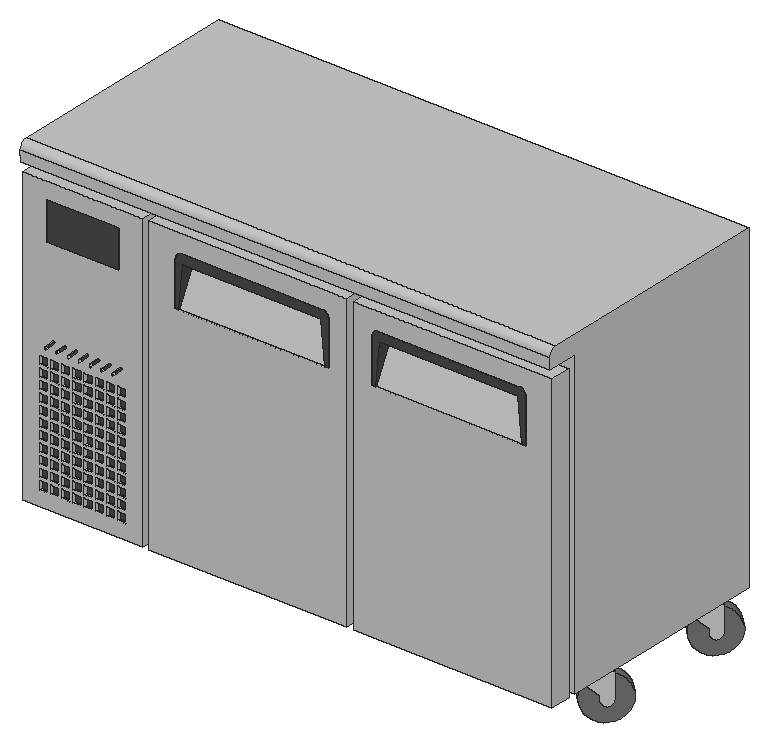
Revit family "QF_Turbo Air_JUF-48N", category Specialty Equipment, Revit 2012
Parameters
  Weight in Pounds = 190
  Watermarked By = "http://revitwatermark.com"
  Volts = 115 V
  URL Cutsheet = ""
  URL = "www.turboairinc.com"
  Status [instance] = ""
  Specification by User [instance] = ""
  Specification by Manufacturer [instance] = ""
  Serial Number [instance] = ""
  Revision Code [instance] = ""
  Phase = 1
  Number of Poles [instance] = 1
  NAFEM Spec ID Number [instance] = ""
  Model = "JUF-48N"
  Masterspec [instance] = ""
  Manufacturer = "Turbo Air"  # constant formula
  Legs [instance] = [6 inch Legs]  # no
  Item Number [instance] = "-"
  Installed By [instance] = ""
  HP = "1/3"
  Furnished By [instance] = ""
  Foodservice Equipment Identifier = yes
  FL Amps = 5 A
  Electrical Remarks [instance] = ""
  Electric Connection Type [instance] = ""
  Elec Conn RI Height [instance] = 0' - 0"
  Elec Conn Connection Height = 1' - 0"
  Description = "Undercounter Freezer"
  Cycle = 60 Hz
  Conn Plug = "NEMA 5-15P"
  Casters [instance] = not(Legs)  # yes
  CasterLeg Height [instance] = if([4 inch Casters], 0' 5", if([5 inch Casters], 0' 5 3/4", if([2_5 inch Casters], 0' 3 3/8", 0' 6")))  # 0' - 5"
  CSI MasterFormat = "11 41 13"
  Assembly Code = "E1090320"
  Apparent Power = if(Phase = 3, Volts * FL Amps * 1.73, Volts * FL Amps)  # 575 VA
  6 inch Legs [instance] = no
  5 inch Casters [instance] = no
  4 inch Casters [instance] = yes
  2_5 inch Casters [instance] = no
Reference planes (in)
  plane 1 "BACK": y = -5.375
  plane 2: z = 0
  plane 3 "LEFT": x = -20.72594
  plane 4 "Bottom": z = 5
  plane 5 "Back Stops": y = -4.375
  plane 6 "RIGHT": x = 26.52406
  plane 7 "FRONT": y = -29
  plane 8 "Door Clearance": y = -43.375
  plane 9 "Back of Door": y = -25.4375
  plane 10 "Front of Box": y = -24.75
  plane 11 "Counter Top": z = 33.75
  plane 12 "Top of Door": z = 31.25
  plane 13 "Front of Doors": y = -27.25
  plane 14 "Front of Ledge": y = -27.5
  plane 15 "Left of Right Door": x = 8.83656
  plane 16 "Right of Grill": x = -9.97594
  plane 17 "Right of Left Door": x = 8.21156
  plane 18 "Left of Left Door": x = -9.47594
Forms (in)
  Extrusion 1, solid, material "QF_Finishes_Stainless Steel"
    sketch origin (-20.72594, 0, 0) x (0, 1, 0) y (0, 0, 1)
      loop
        line (-5.375, 5) -> (-5.375, 33.75) -> (-26.8125, 33.75)
        arc (-26.8125, 33.75) -> (-27.29864, 33.54864) -> (-27.5, 33.0625) r 0.6875
        line (-27.5, 33.0625) -> (-27.5, 32.125) -> (-24.75, 32.125) -> (-24.75, 5) -> (-5.375, 5)
    from 0 to 47.25
  Extrusion 2, solid, material "QF_Finishes_Black"
    sketch origin (0, -24.75, 0) x (1, 0, 0) y (0, 0, 1)
      loop
        line (25.52406, 6) -> (25.52406, 30.25) -> (9.83656, 30.25) -> (9.83656, 6) -> (25.52406, 6)
      loop
        line (7.21156, 6) -> (7.21156, 30.25) -> (-8.47594, 30.25) -> (-8.47594, 6) -> (7.21156, 6)
    from 0 to 0.6875
  Extrusion 3, solid, material "QF_Finishes_Black"
    sketch origin (0, -5.375, 0) x (1, 0, 0) y (0, 0, 1)
      loop
        circle (-14.60094, 28.9375) r 0.5
      loop
        circle (20.39906, 28.9375) r 0.5
    from 0 to -1
  Extrusion 4, solid, material "QF_Finishes_Stainless Steel"
    sketch origin (0, -5.375, 0) x (1, 0, 0) y (0, 0, 1)
      loop
        circle (-15.35094, 11.125) r 0.25
    from 0 to -0.0625
  Extrusion 5, solid, material "QF_Finishes_Stainless Steel"
    sketch origin (0, -24.75, 0) x (1, 0, 0) y (0, 0, 1)
      loop
        line (-20.72594, 31.25) -> (-20.72594, 5) -> (-9.97594, 5) -> (-9.97594, 31.25) -> (-20.72594, 31.25)
      loop
        line (-11.47594, 7.125) -> (-12.22594, 7.125) -> (-12.22594, 6.375) -> (-11.47594, 6.375) -> (-11.47594, 7.125)
      loop
        line (-12.47594, 7.125) -> (-13.22594, 7.125) -> (-13.22594, 6.375) -> (-12.47594, 6.375) -> (-12.47594, 7.125)
      loop
        line (-13.47594, 7.125) -> (-14.22594, 7.125) -> (-14.22594, 6.375) -> (-13.47594, 6.375) -> (-13.47594, 7.125)
      loop
        line (-14.47594, 7.125) -> (-15.22594, 7.125) -> (-15.22594, 6.375) -> (-14.47594, 6.375) -> (-14.47594, 7.125)
      loop
        line (-15.47594, 7.125) -> (-16.22594, 7.125) -> (-16.22594, 6.375) -> (-15.47594, 6.375) -> (-15.47594, 7.125)
      loop
        line (-16.47594, 7.125) -> (-17.22594, 7.125) -> (-17.22594, 6.375) -> (-16.47594, 6.375) -> (-16.47594, 7.125)
      loop
        line (-17.47594, 7.125) -> (-18.22594, 7.125) -> (-18.22594, 6.375) -> (-17.47594, 6.375) -> (-17.47594, 7.125)
      loop
        line (-18.47594, 7.125) -> (-19.22594, 7.125) -> (-19.22594, 6.375) -> (-18.47594, 6.375) -> (-18.47594, 7.125)
      loop
        line (-11.47594, 8.125) -> (-12.22594, 8.125) -> (-12.22594, 7.375) -> (-11.47594, 7.375) -> (-11.47594, 8.125)
      loop
        line (-12.47594, 8.125) -> (-13.22594, 8.125) -> (-13.22594, 7.375) -> (-12.47594, 7.375) -> (-12.47594, 8.125)
      loop
        line (-13.47594, 8.125) -> (-14.22594, 8.125) -> (-14.22594, 7.375) -> (-13.47594, 7.375) -> (-13.47594, 8.125)
      loop
        line (-14.47594, 8.125) -> (-15.22594, 8.125) -> (-15.22594, 7.375) -> (-14.47594, 7.375) -> (-14.47594, 8.125)
      loop
        line (-15.47594, 8.125) -> (-16.22594, 8.125) -> (-16.22594, 7.375) -> (-15.47594, 7.375) -> (-15.47594, 8.125)
      loop
        line (-16.47594, 8.125) -> (-17.22594, 8.125) -> (-17.22594, 7.375) -> (-16.47594, 7.375) -> (-16.47594, 8.125)
      loop
        line (-17.47594, 8.125) -> (-18.22594, 8.125) -> (-18.22594, 7.375) -> (-17.47594, 7.375) -> (-17.47594, 8.125)
      loop
        line (-18.47594, 8.125) -> (-19.22594, 8.125) -> (-19.22594, 7.375) -> (-18.47594, 7.375) -> (-18.47594, 8.125)
      loop
        line (-11.47594, 9.125) -> (-12.22594, 9.125) -> (-12.22594, 8.375) -> (-11.47594, 8.375) -> (-11.47594, 9.125)
      loop
        line (-12.47594, 9.125) -> (-13.22594, 9.125) -> (-13.22594, 8.375) -> (-12.47594, 8.375) -> (-12.47594, 9.125)
      loop
        line (-13.47594, 9.125) -> (-14.22594, 9.125) -> (-14.22594, 8.375) -> (-13.47594, 8.375) -> (-13.47594, 9.125)
      loop
        line (-14.47594, 9.125) -> (-15.22594, 9.125) -> (-15.22594, 8.375) -> (-14.47594, 8.375) -> (-14.47594, 9.125)
      loop
        line (-15.47594, 9.125) -> (-16.22594, 9.125) -> (-16.22594, 8.375) -> (-15.47594, 8.375) -> (-15.47594, 9.125)
      loop
        line (-16.47594, 9.125) -> (-17.22594, 9.125) -> (-17.22594, 8.375) -> (-16.47594, 8.375) -> (-16.47594, 9.125)
      loop
        line (-17.47594, 9.125) -> (-18.22594, 9.125) -> (-18.22594, 8.375) -> (-17.47594, 8.375) -> (-17.47594, 9.125)
      loop
        line (-18.47594, 9.125) -> (-19.22594, 9.125) -> (-19.22594, 8.375) -> (-18.47594, 8.375) -> (-18.47594, 9.125)
      loop
        line (-11.47594, 10.125) -> (-12.22594, 10.125) -> (-12.22594, 9.375) -> (-11.47594, 9.375) -> (-11.47594, 10.125)
      loop
        line (-12.47594, 10.125) -> (-13.22594, 10.125) -> (-13.22594, 9.375) -> (-12.47594, 9.375) -> (-12.47594, 10.125)
      loop
        line (-13.47594, 10.125) -> (-14.22594, 10.125) -> (-14.22594, 9.375) -> (-13.47594, 9.375) -> (-13.47594, 10.125)
      loop
        line (-14.47594, 10.125) -> (-15.22594, 10.125) -> (-15.22594, 9.375) -> (-14.47594, 9.375) -> (-14.47594, 10.125)
      loop
        line (-15.47594, 10.125) -> (-16.22594, 10.125) -> (-16.22594, 9.375) -> (-15.47594, 9.375) -> (-15.47594, 10.125)
      loop
        line (-16.47594, 10.125) -> (-17.22594, 10.125) -> (-17.22594, 9.375) -> (-16.47594, 9.375) -> (-16.47594, 10.125)
      loop
        line (-17.47594, 10.125) -> (-18.22594, 10.125) -> (-18.22594, 9.375) -> (-17.47594, 9.375) -> (-17.47594, 10.125)
      loop
        line (-18.47594, 10.125) -> (-19.22594, 10.125) -> (-19.22594, 9.375) -> (-18.47594, 9.375) -> (-18.47594, 10.125)
      loop
        line (-11.47594, 11.125) -> (-12.22594, 11.125) -> (-12.22594, 10.375) -> (-11.47594, 10.375) -> (-11.47594, 11.125)
      loop
        line (-12.47594, 11.125) -> (-13.22594, 11.125) -> (-13.22594, 10.375) -> (-12.47594, 10.375) -> (-12.47594, 11.125)
      loop
        line (-13.47594, 11.125) -> (-14.22594, 11.125) -> (-14.22594, 10.375) -> (-13.47594, 10.375) -> (-13.47594, 11.125)
      loop
        line (-14.47594, 11.125) -> (-15.22594, 11.125) -> (-15.22594, 10.375) -> (-14.47594, 10.375) -> (-14.47594, 11.125)
      loop
        line (-15.47594, 11.125) -> (-16.22594, 11.125) -> (-16.22594, 10.375) -> (-15.47594, 10.375) -> (-15.47594, 11.125)
      loop
        line (-16.47594, 11.125) -> (-17.22594, 11.125) -> (-17.22594, 10.375) -> (-16.47594, 10.375) -> (-16.47594, 11.125)
      loop
        line (-17.47594, 11.125) -> (-18.22594, 11.125) -> (-18.22594, 10.375) -> (-17.47594, 10.375) -> (-17.47594, 11.125)
      loop
        line (-18.47594, 11.125) -> (-19.22594, 11.125) -> (-19.22594, 10.375) -> (-18.47594, 10.375) -> (-18.47594, 11.125)
      loop
        line (-11.47594, 12.125) -> (-12.22594, 12.125) -> (-12.22594, 11.375) -> (-11.47594, 11.375) -> (-11.47594, 12.125)
      loop
        line (-12.47594, 12.125) -> (-13.22594, 12.125) -> (-13.22594, 11.375) -> (-12.47594, 11.375) -> (-12.47594, 12.125)
      loop
        line (-13.47594, 12.125) -> (-14.22594, 12.125) -> (-14.22594, 11.375) -> (-13.47594, 11.375) -> (-13.47594, 12.125)
      loop
        line (-14.47594, 12.125) -> (-15.22594, 12.125) -> (-15.22594, 11.375) -> (-14.47594, 11.375) -> (-14.47594, 12.125)
      loop
        line (-15.47594, 12.125) -> (-16.22594, 12.125) -> (-16.22594, 11.375) -> (-15.47594, 11.375) -> (-15.47594, 12.125)
      loop
        line (-16.47594, 12.125) -> (-17.22594, 12.125) -> (-17.22594, 11.375) -> (-16.47594, 11.375) -> (-16.47594, 12.125)
      loop
        line (-17.47594, 12.125) -> (-18.22594, 12.125) -> (-18.22594, 11.375) -> (-17.47594, 11.375) -> (-17.47594, 12.125)
      loop
        line (-18.47594, 12.125) -> (-19.22594, 12.125) -> (-19.22594, 11.375) -> (-18.47594, 11.375) -> (-18.47594, 12.125)
      loop
        line (-11.47594, 13.125) -> (-12.22594, 13.125) -> (-12.22594, 12.375) -> (-11.47594, 12.375) -> (-11.47594, 13.125)
      loop
        line (-12.47594, 13.125) -> (-13.22594, 13.125) -> (-13.22594, 12.375) -> (-12.47594, 12.375) -> (-12.47594, 13.125)
      loop
        line (-13.47594, 13.125) -> (-14.22594, 13.125) -> (-14.22594, 12.375) -> (-13.47594, 12.375) -> (-13.47594, 13.125)
      loop
        line (-14.47594, 13.125) -> (-15.22594, 13.125) -> (-15.22594, 12.375) -> (-14.47594, 12.375) -> (-14.47594, 13.125)
      loop
        line (-15.47594, 13.125) -> (-16.22594, 13.125) -> (-16.22594, 12.375) -> (-15.47594, 12.375) -> (-15.47594, 13.125)
      loop
        line (-16.47594, 13.125) -> (-17.22594, 13.125) -> (-17.22594, 12.375) -> (-16.47594, 12.375) -> (-16.47594, 13.125)
      loop
        line (-17.47594, 13.125) -> (-18.22594, 13.125) -> (-18.22594, 12.375) -> (-17.47594, 12.375) -> (-17.47594, 13.125)
      loop
        line (-18.47594, 13.125) -> (-19.22594, 13.125) -> (-19.22594, 12.375) -> (-18.47594, 12.375) -> (-18.47594, 13.125)
      loop
        line (-11.47594, 14.125) -> (-12.22594, 14.125) -> (-12.22594, 13.375) -> (-11.47594, 13.375) -> (-11.47594, 14.125)
      loop
        line (-12.47594, 14.125) -> (-13.22594, 14.125) -> (-13.22594, 13.375) -> (-12.47594, 13.375) -> (-12.47594, 14.125)
      loop
        line (-13.47594, 14.125) -> (-14.22594, 14.125) -> (-14.22594, 13.375) -> (-13.47594, 13.375) -> (-13.47594, 14.125)
      loop
        line (-14.47594, 14.125) -> (-15.22594, 14.125) -> (-15.22594, 13.375) -> (-14.47594, 13.375) -> (-14.47594, 14.125)
      loop
        line (-15.47594, 14.125) -> (-16.22594, 14.125) -> (-16.22594, 13.375) -> (-15.47594, 13.375) -> (-15.47594, 14.125)
      loop
        line (-16.47594, 14.125) -> (-17.22594, 14.125) -> (-17.22594, 13.375) -> (-16.47594, 13.375) -> (-16.47594, 14.125)
      loop
        line (-17.47594, 14.125) -> (-18.22594, 14.125) -> (-18.22594, 13.375) -> (-17.47594, 13.375) -> (-17.47594, 14.125)
      loop
        line (-18.47594, 14.125) -> (-19.22594, 14.125) -> (-19.22594, 13.375) -> (-18.47594, 13.375) -> (-18.47594, 14.125)
      loop
        line (-11.47594, 15.125) -> (-12.22594, 15.125) -> (-12.22594, 14.375) -> (-11.47594, 14.375) -> (-11.47594, 15.125)
      loop
        line (-12.47594, 15.125) -> (-13.22594, 15.125) -> (-13.22594, 14.375) -> (-12.47594, 14.375) -> (-12.47594, 15.125)
      loop
        line (-13.47594, 15.125) -> (-14.22594, 15.125) -> (-14.22594, 14.375) -> (-13.47594, 14.375) -> (-13.47594, 15.125)
      loop
        line (-14.47594, 15.125) -> (-15.22594, 15.125) -> (-15.22594, 14.375) -> (-14.47594, 14.375) -> (-14.47594, 15.125)
      loop
        line (-15.47594, 15.125) -> (-16.22594, 15.125) -> (-16.22594, 14.375) -> (-15.47594, 14.375) -> (-15.47594, 15.125)
      loop
        line (-16.47594, 15.125) -> (-17.22594, 15.125) -> (-17.22594, 14.375) -> (-16.47594, 14.375) -> (-16.47594, 15.125)
      loop
        line (-17.47594, 15.125) -> (-18.22594, 15.125) -> (-18.22594, 14.375) -> (-17.47594, 14.375) -> (-17.47594, 15.125)
      loop
        line (-18.47594, 15.125) -> (-19.22594, 15.125) -> (-19.22594, 14.375) -> (-18.47594, 14.375) -> (-18.47594, 15.125)
      loop
        line (-11.47594, 16.125) -> (-12.22594, 16.125) -> (-12.22594, 15.375) -> (-11.47594, 15.375) -> (-11.47594, 16.125)
      loop
        line (-12.47594, 16.125) -> (-13.22594, 16.125) -> (-13.22594, 15.375) -> (-12.47594, 15.375) -> (-12.47594, 16.125)
      loop
        line (-13.47594, 16.125) -> (-14.22594, 16.125) -> (-14.22594, 15.375) -> (-13.47594, 15.375) -> (-13.47594, 16.125)
      loop
        line (-14.47594, 16.125) -> (-15.22594, 16.125) -> (-15.22594, 15.375) -> (-14.47594, 15.375) -> (-14.47594, 16.125)
      loop
        line (-15.47594, 16.125) -> (-16.22594, 16.125) -> (-16.22594, 15.375) -> (-15.47594, 15.375) -> (-15.47594, 16.125)
      loop
        line (-16.47594, 16.125) -> (-17.22594, 16.125) -> (-17.22594, 15.375) -> (-16.47594, 15.375) -> (-16.47594, 16.125)
      loop
        line (-17.47594, 16.125) -> (-18.22594, 16.125) -> (-18.22594, 15.375) -> (-17.47594, 15.375) -> (-17.47594, 16.125)
      loop
        line (-18.47594, 16.125) -> (-19.22594, 16.125) -> (-19.22594, 15.375) -> (-18.47594, 15.375) -> (-18.47594, 16.125)
      loop
        line (-11.47594, 17.125) -> (-12.22594, 17.125) -> (-12.22594, 16.375) -> (-11.47594, 16.375) -> (-11.47594, 17.125)
      loop
        line (-12.47594, 17.125) -> (-13.22594, 17.125) -> (-13.22594, 16.375) -> (-12.47594, 16.375) -> (-12.47594, 17.125)
      loop
        line (-13.47594, 17.125) -> (-14.22594, 17.125) -> (-14.22594, 16.375) -> (-13.47594, 16.375) -> (-13.47594, 17.125)
      loop
        line (-14.47594, 17.125) -> (-15.22594, 17.125) -> (-15.22594, 16.375) -> (-14.47594, 16.375) -> (-14.47594, 17.125)
      loop
        line (-15.47594, 17.125) -> (-16.22594, 17.125) -> (-16.22594, 16.375) -> (-15.47594, 16.375) -> (-15.47594, 17.125)
      loop
        line (-16.47594, 17.125) -> (-17.22594, 17.125) -> (-17.22594, 16.375) -> (-16.47594, 16.375) -> (-16.47594, 17.125)
      loop
        line (-17.47594, 17.125) -> (-18.22594, 17.125) -> (-18.22594, 16.375) -> (-17.47594, 16.375) -> (-17.47594, 17.125)
      loop
        line (-18.47594, 17.125) -> (-19.22594, 17.125) -> (-19.22594, 16.375) -> (-18.47594, 16.375) -> (-18.47594, 17.125)
      loop
        arc (-14.68933, 17.96339) -> (-14.68933, 17.78661) -> (-14.51255, 17.78661) r 0.125
        line (-14.51255, 17.78661) -> (-13.80544, 18.49372)
        arc (-13.80544, 18.49372) -> (-13.80544, 18.6705) -> (-13.98222, 18.6705) r 0.125
        line (-13.98222, 18.6705) -> (-14.68933, 17.96339)
      loop
        arc (-13.68933, 17.96339) -> (-13.68933, 17.78661) -> (-13.51255, 17.78661) r 0.125
        line (-13.51255, 17.78661) -> (-12.80544, 18.49372)
        arc (-12.80544, 18.49372) -> (-12.80544, 18.6705) -> (-12.98222, 18.6705) r 0.125
        line (-12.98222, 18.6705) -> (-13.68933, 17.96339)
      loop
        arc (-12.68933, 17.96339) -> (-12.68933, 17.78661) -> (-12.51255, 17.78661) r 0.125
        line (-12.51255, 17.78661) -> (-11.80544, 18.49372)
        arc (-11.80544, 18.49372) -> (-11.80544, 18.6705) -> (-11.98222, 18.6705) r 0.125
        line (-11.98222, 18.6705) -> (-12.68933, 17.96339)
      loop
        arc (-17.68933, 17.96339) -> (-17.68933, 17.78661) -> (-17.51255, 17.78661) r 0.125
        line (-17.51255, 17.78661) -> (-16.80544, 18.49372)
        arc (-16.80544, 18.49372) -> (-16.80544, 18.6705) -> (-16.98222, 18.6705) r 0.125
        line (-16.98222, 18.6705) -> (-17.68933, 17.96339)
      loop
        arc (-16.68933, 17.96339) -> (-16.68933, 17.78661) -> (-16.51255, 17.78661) r 0.125
        line (-16.51255, 17.78661) -> (-15.80544, 18.49372)
        arc (-15.80544, 18.49372) -> (-15.80544, 18.6705) -> (-15.98222, 18.6705) r 0.125
        line (-15.98222, 18.6705) -> (-16.68933, 17.96339)
      loop
        arc (-15.68933, 17.96339) -> (-15.68933, 17.78661) -> (-15.51255, 17.78661) r 0.125
        line (-15.51255, 17.78661) -> (-14.80544, 18.49372)
        arc (-14.80544, 18.49372) -> (-14.80544, 18.6705) -> (-14.98222, 18.6705) r 0.125
        line (-14.98222, 18.6705) -> (-15.68933, 17.96339)
      loop
        arc (-18.68933, 17.96339) -> (-18.68933, 17.78661) -> (-18.51255, 17.78661) r 0.125
        line (-18.51255, 17.78661) -> (-17.80544, 18.49372)
        arc (-17.80544, 18.49372) -> (-17.80544, 18.6705) -> (-17.98222, 18.6705) r 0.125
        line (-17.98222, 18.6705) -> (-18.68933, 17.96339)
      loop
        line (-12.16344, 29.75) -> (-18.53844, 29.75) -> (-18.53844, 26.375) -> (-12.16344, 26.375) -> (-12.16344, 29.75)
    from 0 to 2.5
  Extrusion 6, solid, material "QF_Finishes_Black"
    sketch origin (0, -24.75, 0) x (1, 0, 0) y (0, 0, 1)
      loop
        line (-19.72594, 5.875) -> (-10.97594, 5.875) -> (-10.97594, 19.125) -> (-19.72594, 19.125) -> (-19.72594, 5.875)
    from 0 to 2.25
  Extrusion 7, solid, material "QF_Finishes_Black"
    sketch origin (0, -24.75, 0) x (1, 0, 0) y (0, 0, 1)
      loop
        line (-18.53844, 29.75) -> (-18.53844, 26.375) -> (-12.16344, 26.375) -> (-12.16344, 29.75) -> (-18.53844, 29.75)
    from 0 to 2.5
Lines and regions (in)
  symbolic lines
    curve 1: line (-20.72594, -5.375, 33.75) -> (26.52406, -5.375, 33.75)
    curve 2: line (-20.72594, -29, 33.75) -> (-20.72594, -5.375, 33.75)
    curve 3: line (26.52406, -29, 33.75) -> (-20.72594, -29, 33.75)
    curve 4: line (26.52406, -5.375, 33.75) -> (26.52406, -29, 33.75)
    curve 5: line (19.89906, -4.375, 33.75) -> (20.89906, -4.375, 33.75)
    curve 6: line (-15.10094, -4.375, 33.75) -> (-14.10094, -4.375, 33.75)
    curve 7: line (-15.10094, -4.375, 33.75) -> (-15.10094, -5.375, 33.75)
    curve 8: line (-14.10094, -4.375, 33.75) -> (-14.10094, -5.375, 33.75)
    curve 9: line (19.89906, -4.375, 33.75) -> (19.89906, -5.375, 33.75)
    curve 10: line (20.89906, -4.375, 33.75) -> (20.89906, -5.375, 33.75)
  symbolic lines, style "QF_Clearances", detail levels coarse
    curve 11: line (26.52406, -29, 33.75) -> (26.52406, -43.375, 33.75)
    curve 12: arc (26.52406, -43.375, 33.75) -> (15.24891, -39.31537, 33.75) -> (9.14951, -29, 33.75) r 17.6875
    curve 13: line (-9.47594, -29, 33.75) -> (-9.47594, -43.375, 33.75)
    curve 14: arc (-9.47594, -43.375, 33.75) -> (1.79921, -39.31537, 33.75) -> (7.89861, -29, 33.75) r 17.6875
Dimensions and locks (in)
  "CasterLeg Height": plane 4 "Bottom" to plane 2
  locked: plane 1 "BACK" to plane 5 "Back Stops" at 1
  locked: plane 6 "RIGHT" to plane 3 "LEFT" at 47.25
  locked: plane 7 "FRONT" to plane 1 "BACK" at 23.625
  locked: plane 9 "Back of Door" to plane 10 "Front of Box" at 0.6875
  locked: plane 11 "Counter Top" to plane 4 "Bottom" at 28.75
  locked: Extrusion 2 sketch curve to plane 6 "RIGHT" at 1
  locked: nested 1 to plane 1 "BACK" at 2.5625
  locked: plane 3 "LEFT" to nested 1 at 2.5
  locked: plane 3 "LEFT" to nested 2 at 2.5
  locked: plane 10 "Front of Box" to nested 2 at 4.625
  locked: nested 3 to plane 6 "RIGHT" at 2.5
  locked: nested 4 to plane 6 "RIGHT" at 2.5
  locked: plane 10 "Front of Box" to nested 4 at 4.625
  locked: nested 3 to plane 1 "BACK" at 2.5625
  locked: plane 11 "Counter Top" to Extrusion 3 sketch curve at 4.8125  (x2)
  locked: plane 6 "RIGHT" to Extrusion 3 sketch curve at 6.125
  locked: Extrusion 3 sketch curve to plane 3 "LEFT" at 6.125
  locked: Extrusion 4 sketch curve to plane 4 "Bottom" at 6.125
  locked: Extrusion 2 sketch curve to plane 4 "Bottom" at 1  (x2)
  locked: plane 12 "Top of Door" to Extrusion 2 sketch curve at 1  (x2)
  locked: plane 13 "Front of Doors" to plane 10 "Front of Box" at 2.5
  locked: plane 14 "Front of Ledge" to plane 13 "Front of Doors" at 0.25
  locked: plane 11 "Counter Top" to plane 12 "Top of Door" at 2.5
  locked: plane 11 "Counter Top" to Extrusion 1 sketch curve at 1.625
  locked: plane 15 "Left of Right Door" to plane 6 "RIGHT" at 17.6875
  locked: plane 3 "LEFT" to plane 16 "Right of Grill" at 10.75
  locked: Extrusion 2 sketch curve to plane 15 "Left of Right Door" at 1
  locked: plane 3 "LEFT" to Extrusion 6 sketch curve at 1
  locked: plane 16 "Right of Grill" to Extrusion 6 sketch curve at 1
  locked: Extrusion 6 sketch curve to plane 4 "Bottom" at 0.875
  locked: Extrusion 6 sketch curve to Extrusion 6 sketch curve at 13.25
  locked: Extrusion 4 sketch curve to plane 3 "LEFT" at 5.375
  locked: plane 16 "Right of Grill" to plane 18 "Left of Left Door" at 0.5
  locked: plane 18 "Left of Left Door" to plane 17 "Right of Left Door" at 17.6875
  locked: Extrusion 2 sketch curve to plane 17 "Right of Left Door" at 1
  locked: Extrusion 2 sketch curve to plane 18 "Left of Left Door" at 1
  locked: plane 8 "Door Clearance" to curve 3 at 14.375
  aligned and locked: level to plane 2
  aligned and locked: Extrusion 1 sketch curve to plane 1 "BACK"
  aligned and locked: Extrusion 1 sketch curve to plane 4 "Bottom"
  aligned and locked: plane 10 "Front of Box" to Extrusion 1 sketch curve
  aligned and locked: plane 6 "RIGHT" to Extrusion 1
  aligned and locked: plane 9 "Back of Door" to Extrusion 2
  aligned and locked: Extrusion 1 sketch curve to plane 11 "Counter Top"
  aligned and locked: Extrusion 3 to plane 5 "Back Stops"
  aligned and locked: plane 1 "BACK" to curve 1
  aligned and locked: plane 3 "LEFT" to curve 2
  aligned and locked: curve 5 to Extrusion 3
  aligned and locked: curve 6 to Extrusion 3
  aligned and locked: plane 4 "Bottom" to nested 5
  aligned and locked: Extrusion 1 sketch curve to plane 14 "Front of Ledge"
  aligned and locked: Extrusion 5 sketch curve to plane 12 "Top of Door"
  aligned and locked: plane 3 "LEFT" to Extrusion 5 sketch curve
  aligned and locked: plane 4 "Bottom" to Extrusion 5 sketch curve
  aligned and locked: plane 16 "Right of Grill" to Extrusion 5 sketch curve
  aligned and locked: plane 13 "Front of Doors" to Extrusion 5
  aligned and locked: plane 13 "Front of Doors" to Extrusion 7
  aligned and locked: plane 6 "RIGHT" to nested 5
  aligned and locked: plane 17 "Right of Left Door" to nested 6
  aligned and locked: nested 6 to plane 4 "Bottom"
Automatic sketch dimensions
  curve 11 to plane 6 "RIGHT" = 0' - 0"
  plane 8 "Door Clearance" to curve 11 = 0' - 0"
  plane 8 "Door Clearance" to curve 14 = 0' - 0"
  curve 14 to plane 18 "Left of Left Door" = 0' - 0"
  plane 9 "Back of Door" to curve 14 = 0' - 0 1/4"
  plane 9 "Back of Door" to curve 12 = 0' - 0 1/4"
  curve 5 to curve 9 = 0' - 1"
  curve 6 to curve 7 = 0' - 1"
  Extrusion 5 sketch curve to Extrusion 5 sketch curve = 0' - 0.08839"  (x42)
  Extrusion 5 sketch curve to Extrusion 5 sketch curve = 0' - 0 3/4"  (x52)
  Extrusion 5 sketch curve to Extrusion 5 sketch curve = 0' - 0"  (x162)
  Extrusion 5 sketch curve to Extrusion 5 sketch curve = 0' - 0.03661"  (x7)
  Extrusion 5 sketch curve to Extrusion 5 sketch curve = 0' - 0 1/4"  (x125)
  Extrusion 5 sketch curve to Extrusion 5 sketch curve = 0' - 0.70711"  (x2)
  Extrusion 5 sketch curve to Extrusion 5 sketch curve = 0' - 0.11612"  (x6)
  Extrusion 5 sketch curve to Extrusion 5 sketch curve = 0' - 0.82322"  (x6)
  Extrusion 5 sketch curve to plane 16 "Right of Grill" = 0' - 2 3/16"
  plane 4 "Bottom" to Extrusion 5 sketch curve = 0' - 1 3/8"  (x2)
  Extrusion 5 sketch curve to Extrusion 5 sketch curve = 0' - 0.66161"  (x7)
  Extrusion 5 sketch curve to Extrusion 5 sketch curve = 0' - 0.53033"  (x6)
  Extrusion 5 sketch curve to plane 12 "Top of Door" = 0' - 4 7/8"
  Extrusion 5 sketch curve to plane 12 "Top of Door" = 0' - 1 1/2"
  Extrusion 7 sketch curve to plane 16 "Right of Grill" = 0' - 2 3/16"
  Extrusion 7 sketch curve to plane 12 "Top of Door" = 0' - 4 7/8"
  Extrusion 7 sketch curve to plane 12 "Top of Door" = 0' - 1 1/2"
  Extrusion 1 sketch curve to plane 13 "Front of Doors" = 0' - 0 7/16"
  curve 8 to plane 16 "Right of Grill" = 0' - 4 1/8"
  plane 3 "LEFT" to Extrusion 5 sketch curve = 0' - 1 1/2"  (x4)
  Extrusion 5 sketch curve to Extrusion 5 sketch curve = 0' - 0.53661"
  plane 3 "LEFT" to Extrusion 5 sketch curve = 0' - 2 3/16"
  plane 3 "LEFT" to Extrusion 7 sketch curve = 0' - 2 3/16"
  curve 10 to plane 6 "RIGHT" = 0' - 5 5/8"
  radius of Extrusion 3 sketch curve = 0' - 0 1/2"  (x2)
  radius of Extrusion 4 sketch curve = 0' - 0 1/4"
Nested families (in)
  nested 1: "FESCasterLeg" at (-18.22594, -7.9375, 0), Legs <- "Legs", Casters <- "Casters", Height <- "CasterLeg Height", type "FESCasterLeg"
    with Legs no, Height 0' - 5", Casters yes, Caster Radius 0' - 2"
  nested 2: "FESCasterLeg" at (-18.22594, -20.125, 0), Legs <- "Legs", Casters <- "Casters", Height <- "CasterLeg Height", type "FESCasterLeg"
    with Legs no, Height 0' - 5", Casters yes, Caster Radius 0' - 2"
  nested 3: "FESCasterLeg" at (24.02406, -7.9375, 0), Legs <- "Legs", Casters <- "Casters", Height <- "CasterLeg Height", type "FESCasterLeg"
    with Legs no, Height 0' - 5", Casters yes, Caster Radius 0' - 2"
  nested 4: "FESCasterLeg" at (24.02406, -20.125, 0), Legs <- "Legs", Casters <- "Casters", Height <- "CasterLeg Height", type "FESCasterLeg"
    with Legs no, Height 0' - 5", Casters yes, Caster Radius 0' - 2"
  nested 5: "QF_Turbo Air_TBL_Door-1" at (11.34739, -25.4375, 5) x (-1, 0, 0) z (0, 0, 1), type "QF_Turbo Air_TBL_Door-1"
    with Width 1' - 5 11/16", Symbolic Lines no, Height 2' - 2 1/4", Handle Width 1' - 1 11/16", Depth 0' - 1 13/16"
  nested 6: "QF_Turbo Air_TBL_Door-1" at (5.70073, -25.4375, 5), type "QF_Turbo Air_TBL_Door-1"
    with Width 1' - 5 11/16", Symbolic Lines no, Height 2' - 2 1/4", Handle Width 1' - 1 11/16", Depth 0' - 1 13/16"
Connectors (in)
  electrical at (-15.35094, -5.3125, 11.125), driven by "Number of Poles", driven by "Volts", driven by "Apparent Power"
    settings: on Extrusion 4, index 1, voltage 115 V, apparent load 575 VA, apparent load phase1 0 VA, apparent load phase2 0 VA, apparent load phase3 0 VA, power factor 1, load classification "Other", number of poles 1, system type 30, power factor state 1, is connector primary yes, connector utility no, sub classification motor no, connector description ""
Definition of nested family "FESCasterLeg"
  Parameters (values of type "FESCasterLeg")
    Watermarked By = "http://revitwatermark.com"
    Type Comments = "⍁⍉⌁⌀⏭⎽⌇⍠⌜⍉⎖⌥⌦⌯⍭⏊⍻⍿⍊⏵⍊⏗⏠⍴⎡⌈⎀⍠⌓⌤⏘⎐⍀⌐⏬⏁⎈⏍⏦⎒⏬⌝⍩⍇⌣〈⎫〉⎁⏊⍥⍖⍥⍝⍦⌖⍀⏌⏭⎝⎼⏷⏞⍻⏯⎽⏷⏞⍻⏯⎽⏷⎺⌻⎝⍎⌧⏷⏟⏿⌿⍜⍦⍤⌁⍬⏶⏎⍊⏚⏉⎞⌡⎀⎪⏈⌟⌿⍾⍼⌟⌿⌢⌞⏜⏝⎽⍷⍷⍯⍧⍷⌯⍽⏸⏨⏾⏎⌣⏺⍹⏼⏅⎏⌽⎫⎪⍙⎓⏗⎗⏅⌴⍏⍏⍿⏑⎺⍘⌭⏲⍥⎛⎾⎾⍞⍌⎪⎲⌙⎥⏏⎟⎟⏼⏘⎏⎝⏧⏍⏁⍏⍧⏯⏾⌟"
    Legs [instance] = yes
    Height [instance] = 0' - 6"
    Caster Radius [instance] = if(Height < 0' 3", 0' 1", (Height / 2) - 0' 0 1/2")  # 0' - 2 1/2"
    Casters [instance] = yes
    Assembly Code = ""
  Reference planes (in)
    plane 1 "Center (Front/Back)": y = 0
    plane 2: z = 0
    plane 3 "Center (Left/Right)": x = 0
    plane 4: z = 6
    plane 5: z = 5.5
  Forms (in)
    Extrusion 1, solid, material "QF_Finishes_Stainless Steel", visible <- "Casters"
      sketch origin (-24.12131, -22.88887, 10.18833) x (0.707107, 0.707107, 0) y (0, 0, 1)
        loop
          line (34.98772, -7.68833) -> (34.98772, -4.93833) -> (34.48772, -4.93833) -> (34.39402, -4.68833) -> (32.39402, -4.68833) -> (32.39402, -5.43833) -> (33.98772, -7.34206) -> (33.98772, -7.68833)
          arc (33.98772, -7.68833) -> (34.48772, -8.18833) -> (34.98772, -7.68833) r 0.5
      from 0 to 1.75
    Extrusion 2, solid, material "QF_Finishes_Rubber Black", visible <- "Casters"
      sketch origin (-24.32327, -23.09083, 13.31461) x (0.707107, 0.707107, 0) y (0, 0, 1)
        loop
          circle (34.77334, -10.81461) r 2.5
      from 0.375 to 1.375
    Extrusion 3, solid, material "QF_Finishes_Stainless Steel", visible <- "Casters"
      sketch origin (-7.24148, -8.48391, 0) x (0.707107, 0.707107, 0) y (0, 0, 1)
        loop
          line (10.61603, 5.5) -> (11.61603, 5.5) -> (11.61603, 6) -> (10.61603, 6) -> (10.61603, 5.5)
      from 0 to -1.75
    Blend 4, solid, material "QF_Finishes_Stainless Steel", visible <- "Legs"
      base sketch origin (0, 0, 0) x (1, 0, 0) y (0, 1, 0)
        loop
          circle (0, 0) r 0.5
      top sketch origin (0, 0, 0) x (1, 0, 0) y (0, 1, 0)
        loop
          circle (0, 0) r 1
      from 0 to 6 <- "Height"
  Lines and regions (in)
    symbolic lines, style "QF_Hidden Details", visible <- "Casters", built-in parameter 1006206 <- "Casters"
      curve 1: line (-1.26158, -0.51911, 0) -> (1.39007, 2.13254, 0)
      curve 2: line (-0.53429, -1.24639, 0) -> (2.11736, 1.40526, 0)
    symbolic lines, style "QF_Hidden Details", built-in parameter 1006206 <- "Casters", visible <- "Casters"
      curve 3: line (-1.26158, -0.51911, 0) -> (1.39007, 2.13254, 0)
      curve 4: line (-0.53429, -1.24639, 0) -> (2.11736, 1.40526, 0)
  Dimensions and locks (in)
    locked: plane 4 to plane 5 at 0.5
    "Height": plane 4 to level
    "Caster Radius": Extrusion 2 sketch curve to level
    "Caster Radius": Extrusion 1 sketch curve to level
    "Caster Radius": radius of Extrusion 2 sketch curve
    aligned and locked: plane 2 to level
    aligned: Blend 4 to Extrusion 3
    aligned and locked: plane 4 to Blend 4
    aligned and locked: Extrusion 3 to plane 5
    aligned and locked: plane 4 to Extrusion 3
    aligned and locked: plane 5 to Extrusion 1
  Automatic sketch dimensions
    plane 1 "Center (Front/Back)" to curve 3 = 0' - 0.51911"
    curve 3 to plane 3 "Center (Left/Right)" = 0' - 1.26158"
    plane 1 "Center (Front/Back)" to curve 1 = 0' - 0.51911"
    curve 1 to curve 3 = 0' - 0"  (x3)
    curve 4 to plane 3 "Center (Left/Right)" = 0' - 0.53429"
    curve 2 to curve 4 = 0' - 0"  (x2)
    plane 3 "Center (Left/Right)" to curve 3 = 0' - 1.39007"
    curve 1 to curve 4 = 0' - 0.72729"
    curve 2 to curve 1 = 0' - 0.72729"
    curve 4 to curve 2 = 0' - 0"  (x2)
    curve 2 to plane 1 "Center (Front/Back)" = 0' - 1.40526"
    curve 2 to curve 3 = 0' - 0.72729"
    plane 5 to Extrusion 1 sketch curve = 0' - 0"
    Extrusion 1 sketch curve to Extrusion 1 sketch curve = 0' - 1.5937"
    Extrusion 1 sketch curve to Extrusion 1 sketch curve = 0' - 2"
    Extrusion 1 sketch curve to Extrusion 1 sketch curve = 0' - 0.0937"
    Extrusion 1 sketch curve to Extrusion 1 sketch curve = 0' - 0 1/2"
    Extrusion 1 sketch curve to Extrusion 1 sketch curve = 0' - 0.34627"
    Extrusion 1 sketch curve to plane 5 = 0' - 0 3/4"
    Extrusion 1 sketch curve to plane 5 = 0' - 0 1/4"
    Extrusion 3 sketch curve to plane 5 = 0' - 0"
    plane 4 to Extrusion 3 sketch curve = 0' - 0"
    Extrusion 3 sketch curve to Extrusion 3 sketch curve = 0' - 1"
    plane 1 "Center (Front/Back)" to Blend 4 sketch curve = 0' - 0"  (x2)
    Blend 4 sketch curve to plane 3 "Center (Left/Right)" = 0' - 0"  (x2)
    radius of Blend 4 sketch curve = 0' - 0 1/2"
    radius of Blend 4 sketch curve = 0' - 1"
Definition of nested family "QF_Turbo Air_TBL_Door-1"
  Parameters (values of type "QF_Turbo Air_TBL_Door-1")
    Width [instance] = 2' - 5 5/16"
    Watermarked By = "http://revitwatermark.com"
    Symbolic Lines [instance] = yes
    Manufacturer = "Turbo Air"  # constant formula
    Height [instance] = 2' - 3 7/16"
    Handle Width [instance] = 1' - 5 5/8"
    Depth [instance] = 0' - 1 13/16"
  Reference planes (in)
    plane 1 "BACK": y = 0
    plane 2: z = 0
    plane 3 "LEFT": x = -15.17667
    plane 4: x = 14.13583
    plane 5 "FRONT": y = -1.8125
    plane 6: z = 27.4375
    plane 7 "Right of Handle": x = 12.51083
    plane 8 "Left of Handle": x = -5.11417
  Forms (in)
    Extrusion 1, solid, material "QF_Finishes_Black"
      sketch origin (-31.11417, 0, 15.01083) x (0, 0, -1) y (1, 0, 0)
        loop
          arc (-10.23917, 43.625) -> (-10.63691, 43.46025) -> (-10.80167, 43.0625) r 0.5625
          line (-10.80167, 43.0625) -> (-10.80167, 26.5625)
          arc (-10.80167, 26.5625) -> (-10.63691, 26.16475) -> (-10.23917, 26) r 0.5625
          line (-10.23917, 26) -> (-6.30167, 26) -> (-6.30167, 26.34375) -> (-9.98917, 26.66636) -> (-9.98917, 42.95864) -> (-6.30167, 43.28125) -> (-6.30167, 43.625) -> (-10.23917, 43.625)
      from 0 to 1.8125
    Extrusion 2, solid, material "QF_Finishes_Stainless Steel"
      sketch origin (-5.14542, 0, 15.01083) x (0, 1, 0) y (0, 0, 1)
        loop
          line (-1.8125, 6.30167) -> (0, 6.30167) -> (0, 9.98917) -> (-0.47036, 9.98917) -> (-1.8125, 6.30167)
      from 0.375 to 17.3125
    Extrusion 3, solid, material "QF_Finishes_Stainless Steel"
      sketch origin (0, 0, 0) x (1, 0, 0) y (0, 0, 1)
        loop
          line (-15.17667, 27.4375) -> (-15.17667, 0) -> (14.13583, 0) -> (14.13583, 27.4375) -> (-15.17667, 27.4375)
        loop
          arc (-4.55167, 25.8125) -> (-4.94941, 25.64775) -> (-5.11417, 25.25) r 0.5625
          line (-5.11417, 25.25) -> (-5.11417, 21.3125) -> (12.51083, 21.3125) -> (12.51083, 25.25)
          arc (12.51083, 25.25) -> (12.34608, 25.64775) -> (11.94833, 25.8125) r 0.5625
          line (11.94833, 25.8125) -> (-4.55167, 25.8125)
      from 0 to 1.8125
  Lines and regions (in)
    symbolic lines, visible <- "Symbolic Lines"
      curve 1: line (-15.17667, 0, 25.96875) -> (14.13583, 0, 25.96875)
      curve 2: line (-15.17667, -1.8125, 25.96875) -> (-15.17667, 0, 25.96875)
      curve 3: line (14.13583, -1.8125, 25.96875) -> (-15.17667, -1.8125, 25.96875)
      curve 4: line (14.13583, 0, 25.96875) -> (14.13583, -1.8125, 25.96875)
  Dimensions and locks (in)
    "Width": plane 4 to plane 3 "LEFT"
    "Depth": plane 5 "FRONT" to plane 1 "BACK"
    "Height": plane 6 to plane 2
    locked: Extrusion 3 sketch curve to Extrusion 3 sketch curve at 4.5
    locked: plane 6 to Extrusion 3 sketch curve at 1.625
    locked: plane 6 to Extrusion 1 sketch curve at 1.625
    locked: Extrusion 1 sketch curve to Extrusion 1 sketch curve at 0.8125
    locked: Extrusion 1 sketch curve to Extrusion 1 sketch curve at 4.5  (x2)
    locked: plane 6 to Extrusion 2 sketch curve at 2.4375
    locked: Extrusion 2 sketch curve to Extrusion 2 sketch curve at 3.6875
    locked: Extrusion 2 sketch curve to plane 5 "FRONT" at 1.34214
    locked: plane 7 "Right of Handle" to plane 4 at 1.625
    "Handle Width": plane 8 "Left of Handle" to plane 7 "Right of Handle"
    locked: Extrusion 1 sketch curve to plane 8 "Left of Handle" at 0.34375
    locked: Extrusion 1 sketch curve to plane 8 "Left of Handle" at 0.66636
    locked: Extrusion 1 sketch curve to plane 8 "Left of Handle" at 0.5625
    locked: plane 7 "Right of Handle" to Extrusion 1 sketch curve at 0.34375
    locked: plane 7 "Right of Handle" to Extrusion 1 sketch curve at 0.66636
    locked: plane 7 "Right of Handle" to Extrusion 1 sketch curve at 0.5625
    locked: plane 8 "Left of Handle" to Extrusion 2 at 0.34375
    locked: plane 7 "Right of Handle" to Extrusion 2 at 0.34375
    aligned and locked: level to plane 2
    aligned and locked: Extrusion 3 sketch curve to plane 6
    aligned and locked: plane 3 "LEFT" to Extrusion 3 sketch curve
    aligned and locked: level to Extrusion 3 sketch curve
    aligned and locked: Extrusion 3 sketch curve to plane 4
    aligned and locked: plane 5 "FRONT" to Extrusion 3
    aligned and locked: Extrusion 2 sketch curve to plane 1 "BACK"
    aligned and locked: plane 1 "BACK" to curve 1
    aligned and locked: plane 3 "LEFT" to curve 2
    aligned and locked: curve 3 to plane 5 "FRONT"
    aligned and locked: curve 4 to plane 4
    aligned and locked: Extrusion 3 sketch curve to plane 7 "Right of Handle"
    aligned and locked: Extrusion 3 sketch curve to plane 8 "Left of Handle"
    aligned and locked: Extrusion 1 sketch curve to plane 7 "Right of Handle"
    aligned and locked: plane 8 "Left of Handle" to Extrusion 1 sketch curve
  Automatic sketch dimensions
    Extrusion 3 sketch curve to Extrusion 3 sketch curve = 0' - 0 9/16"  (x2)
    Extrusion 2 sketch curve to plane 5 "FRONT" = 0' - 0"
